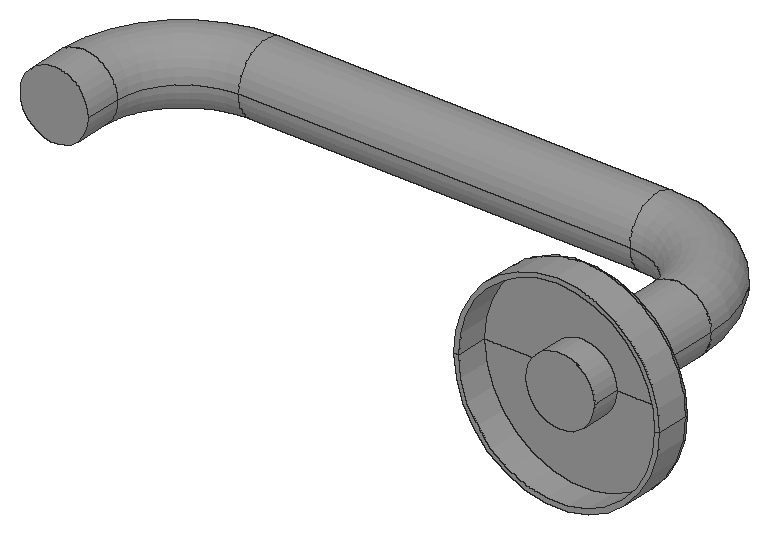
Revit family "TH 120", category Specialty Equipment, Revit 2015
Parameters
  Type Comments = "DORMA TH120"
  Model = "TH120"
  Manufacturer = "DORMA"
  Description = "DORMA TH120"
Reference planes
  plane 1 "Center (Front/Back)": y = 0
  plane 2: z = 0
  plane 3 "Center (Left/Right)": x = 0
  plane 4: z = -22.536
  plane 5: z = 22.536
  plane 6: y = -130
  plane 7: z = -7.5
  plane 8: z = 7.5
  plane 9: y = 22.536
  plane 10: y = -137.5
  plane 11: y = 62.453
  plane 12: x = 23.056
  plane 13: x = -22.012
Forms (mm)
  Revolve 1, solid, material "Matt chrome"
    sketch origin (0.52, 0.051, 0) x (1, 0, 0) y (0, 1, 0)
      loop
        line (0, 8) -> (0, 7) -> (21.536, 7) -> (21.536, 0) -> (22.536, 0) -> (22.536, 7.154)
        arc (22.536, 7.154) -> (22.288, 7.752) -> (21.69, 8) r 0.846
        line (21.69, 8) -> (0, 8)
      axis (0, 8) -> (0, 0)
    angle from 0 to 360
  Sweep 2, solid, material "Matt chrome"
    path origin (0.52, -15.593, 0) x (0, -1, 0) y (1, 0, 0)
      loop
        line (-16.544, 0) -> (-48.5, 0)
        arc (-48.5, 0) -> (-64.056, -6.444) -> (-70.5, -22) r 22
        line (-70.5, -22) -> (-70.5, -107.77)
        arc (-70.5, -107.77) -> (-63.989, -123.489) -> (-48.27, -130) r 22.23
        line (-48.27, -130) -> (-40.5, -130)
    profile origin (0.52, 16.929, 0) x (-1, 0, 0) y (0, 0, 1)
      loop
        circle (0, 0) r 7.5
Cuts and joins
  joined: Revolve 1, Sweep 2
Dimensions and locks
  plane 5 to plane 4 = 45.073 mm
  plane 1 "Center (Front/Back)" to plane 6 = 130 mm
  plane 7 to plane 8 = 15 mm
  plane 9 to plane 10 = 160.036 mm
  plane 1 "Center (Front/Back)" to plane 11 = 62.453 mm
  plane 13 to plane 12 = 45.068 mm
  aligned and locked: level to plane 2
